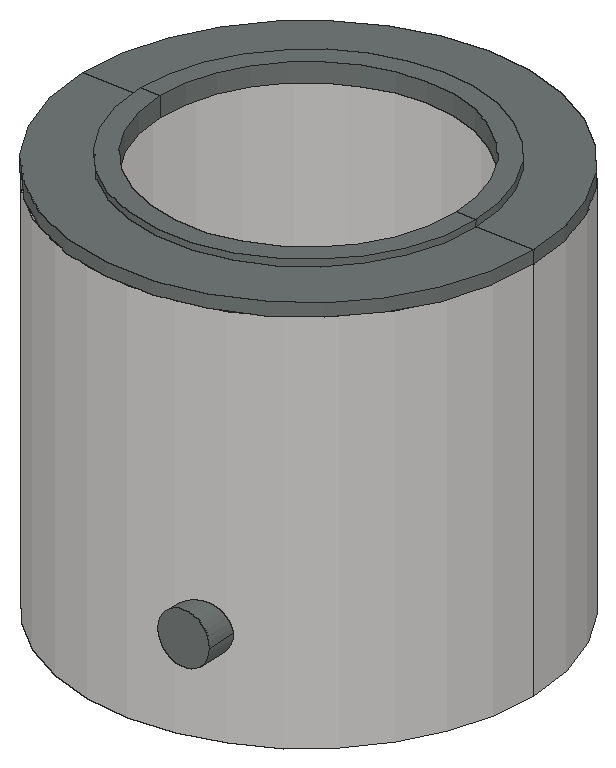
Revit family "QF_Vollrath 72425", category Specialty Equipment, Revit 2016
Family settings
  Part Type = Normal
  Round Connector Dimension = Use Diameter
  OmniClass Number = 23.40.40.11.21
  OmniClass Title = Hot Cabinets
  Work Plane-Based = No
  Always vertical = Yes
  Cut with Voids When Loaded = No
  Shared = No
  Room Calculation Point = No
Parameters (values of type "--")
  Width = 8.75"
  Weight in Pounds = 5.38
  Watts = 1450 W
  Watermarked By = "http://revitwatermark.com"
  Volts = 120 V
  URL Cutsheet = ""
  URL = "www.vollrathco.com"
  Status [instance] = ""
  Specification by User [instance] = ""
  Specification by Manufacturer = ""
  Serial Number [instance] = ""
  Seismic Rating [instance] = ""
  SMACNA No [instance] = ""
  Revision Code [instance] = ""
  Phase = 1
  Number of Poles [instance] = 1
  NAFEM Spec ID Number [instance] = ""
  Model = "72425"
  Masterspec = ""
  Manufacturer = "Vollrath"
  Item Number [instance] = ""
  Installed By [instance] = ""
  Height AFF [instance] = 28.75"
  Height [instance] = 7.88"
  Furnished By [instance] = ""
  Foodservice Equipment Identifier [instance] = yes
  FL Amps = 12 A
  Electrical Remarks [instance] = ""
  Electric Connection Type [instance] = ""
  Elec Conn RI Height [instance] = 0.00"
  Elec Conn Connection Height = 2.00"
  Description = "Warmer, Food Electric"
  Depth = 8.75"
  Cycle = 60 Hz
  Conn Plug = "NEMA 5-20P"
  CSI MasterFormat = "11 42 13"
  Assembly Code = "E1090320"
  Apparent Power = if(Phase = 3, Volts * FL Amps * 1.73, Volts * FL Amps)  # 1440 VA
Reference planes (in)
  plane 1: z = 0
  plane 2 "LEFT": x = 48
  plane 3 "BACK": y = -48
  plane 4 "BOTTOM": z = 28.75
  plane 5 "RIGHT": x = 56.75
  plane 6 "FRONT": y = -56.75
  plane 7: z = 26.5796
  plane 8 "TOP": z = 36.63
  plane 9: x = 58.52988
  plane 10: x = 50.8266
  plane 11: x = 50.99693
  plane 12: y = -65.45189
  plane 13: y = -65.50549
  plane 14: y = -66.38049
  plane 15: y = -66.44549
  plane 16: x = 56.69695
  plane 17: x = 52.375
  plane 18 "123": y = -52.375
Forms (in)
  Extrusion 1, solid, material "QF_Finishes_Stainless Steel", not visible
    sketch origin (0, -75.61667, 13.94238) x (-1, 0, 0) y (0, 0.422618, 0.906308)
      loop
        line (-61.50401, 16.83949) -> (-49.55058, 16.83949) -> (-49.55058, 21.54291) -> (-61.50401, 21.54291) -> (-61.50401, 16.83949)
      loop
        circle (-51.11798, 19.07879) r 1.25
      loop
        circle (-51.11798, 19.07879) r 1
      loop
        line (-54.03077, 21.06689) -> (-57.03077, 21.06689) -> (-57.03077, 20.31689) -> (-54.03077, 20.31689) -> (-54.03077, 21.06689)
      loop
        circle (-54.03077, 17.5068) r 0.25
      loop
        circle (-56.78077, 17.5068) r 0.25
    from 0 to 0.68909
  Extrusion 2, solid, material "QF_Finishes_Black", not visible
    sketch origin (0, -75.54289, 2.05167) x (-1, 0, 0) y (0, 0.422618, 0.906308)
      loop
        circle (-51.11798, 29.82425) r 1.25
      loop
        circle (-51.11798, 29.82425) r 1
    from -5.0921 to -4.40301
  Extrusion 3, solid, material "QF_Finishes_Black", not visible
    sketch origin (0, -75.78725, 14.03463) x (-1, 0, 0) y (0, 0.406737, 0.913545)
      loop
        line (-57.03077, 21.03676) -> (-57.03077, 20.35703) -> (-54.03077, 20.35703) -> (-54.03077, 21.03676) -> (-57.03077, 21.03676)
      loop
        circle (-54.03077, 17.5068) r 0.25
      loop
        circle (-56.78077, 17.5068) r 0.25
    from 0.54411 to 1.25
  Extrusion 4, solid, material "QF_Finishes_Dark Grey", not visible
    sketch origin (0, -70.09177, 5.66795) x (-1, 0, 0) y (0, 0.422618, 0.906308)
      loop
        circle (-52.11896, 26.29929) r 0.25
      loop
        circle (-53.36896, 26.29929) r 0.25
      loop
        circle (-54.61896, 26.29929) r 0.25
      loop
        circle (-55.86896, 26.29929) r 0.25
      loop
        circle (-57.11896, 26.29929) r 0.25
      loop
        circle (-58.36896, 26.29929) r 0.25
    from 7.45399 to 7.92109
  Extrusion 5, solid, material "QF_Finishes_Stainless Steel", not visible
    sketch origin (0, -61.5, 0) x (-1, 0, 0) y (0, 0, 1)
      loop
        circle (-49.14244, 32.63817) r 0.1236
    from 0 to 12
  Extrusion 6, solid, material "QF_Finishes_Stainless Steel", not visible
    sketch origin (24.25, -61.5, 0) x (-1, 0, 0) y (0, 0, 1)
      loop
        circle (-49.14244, 32.63817) r 0.1236
    from 0 to 12
  Extrusion 7, solid, material "QF_Finishes_Stainless Steel", not visible
    sketch origin (0.75781, -61.5, 0) x (-1, 0, 0) y (0, 0, 1)
      loop
        circle (-49.14244, 32.63817) r 0.1236
    from 0 to 12
  Extrusion 8, solid, material "QF_Finishes_Stainless Steel", not visible
    sketch origin (1.51562, -61.5, 0) x (-1, 0, 0) y (0, 0, 1)
      loop
        circle (-49.14244, 32.63817) r 0.1236
    from 0 to 12
  Extrusion 9, solid, material "QF_Finishes_Stainless Steel", not visible
    sketch origin (2.27344, -61.5, 0) x (-1, 0, 0) y (0, 0, 1)
      loop
        circle (-49.14244, 32.63817) r 0.1236
    from 0 to 12
  Extrusion 10, solid, material "QF_Finishes_Stainless Steel", not visible
    sketch origin (3.03125, -61.5, 0) x (-1, 0, 0) y (0, 0, 1)
      loop
        circle (-49.14244, 32.63817) r 0.1236
    from 0 to 12
  Extrusion 11, solid, material "QF_Finishes_Stainless Steel", not visible
    sketch origin (3.78906, -61.5, 0) x (-1, 0, 0) y (0, 0, 1)
      loop
        circle (-49.14244, 32.63817) r 0.1236
    from 0 to 12
  Extrusion 12, solid, material "QF_Finishes_Stainless Steel", not visible
    sketch origin (4.54687, -61.5, 0) x (-1, 0, 0) y (0, 0, 1)
      loop
        circle (-49.14244, 32.63817) r 0.1236
    from 0 to 12
  Extrusion 13, solid, material "QF_Finishes_Stainless Steel", not visible
    sketch origin (5.30469, -61.5, 0) x (-1, 0, 0) y (0, 0, 1)
      loop
        circle (-49.14244, 32.63817) r 0.1236
    from 0 to 12
  Extrusion 14, solid, material "QF_Finishes_Stainless Steel", not visible
    sketch origin (6.0625, -61.5, 0) x (-1, 0, 0) y (0, 0, 1)
      loop
        circle (-49.14244, 32.63817) r 0.1236
    from 0 to 12
  Extrusion 15, solid, material "QF_Finishes_Stainless Steel", not visible
    sketch origin (6.82031, -61.5, 0) x (-1, 0, 0) y (0, 0, 1)
      loop
        circle (-49.14244, 32.63817) r 0.1236
    from 0 to 12
  Extrusion 16, solid, material "QF_Finishes_Stainless Steel", not visible
    sketch origin (7.57812, -61.5, 0) x (-1, 0, 0) y (0, 0, 1)
      loop
        circle (-49.14244, 32.63817) r 0.1236
    from 0 to 12
  Extrusion 17, solid, material "QF_Finishes_Stainless Steel", not visible
    sketch origin (8.33594, -61.5, 0) x (-1, 0, 0) y (0, 0, 1)
      loop
        circle (-49.14244, 32.63817) r 0.1236
    from 0 to 12
  Extrusion 18, solid, material "QF_Finishes_Stainless Steel", not visible
    sketch origin (9.09375, -61.5, 0) x (-1, 0, 0) y (0, 0, 1)
      loop
        circle (-49.14244, 32.63817) r 0.1236
    from 0 to 12
  Extrusion 19, solid, material "QF_Finishes_Stainless Steel", not visible
    sketch origin (9.85156, -61.5, 0) x (-1, 0, 0) y (0, 0, 1)
      loop
        circle (-49.14244, 32.63817) r 0.1236
    from 0 to 12
  Extrusion 20, solid, material "QF_Finishes_Stainless Steel", not visible
    sketch origin (10.60937, -61.5, 0) x (-1, 0, 0) y (0, 0, 1)
      loop
        circle (-49.14244, 32.63817) r 0.1236
    from 0 to 12
  Extrusion 21, solid, material "QF_Finishes_Stainless Steel", not visible
    sketch origin (11.36719, -61.5, 0) x (-1, 0, 0) y (0, 0, 1)
      loop
        circle (-49.14244, 32.63817) r 0.1236
    from 0 to 12
  Extrusion 22, solid, material "QF_Finishes_Stainless Steel", not visible
    sketch origin (12.125, -61.5, 0) x (-1, 0, 0) y (0, 0, 1)
      loop
        circle (-49.14244, 32.63817) r 0.1236
    from 0 to 12
  Extrusion 23, solid, material "QF_Finishes_Stainless Steel", not visible
    sketch origin (12.88281, -61.5, 0) x (-1, 0, 0) y (0, 0, 1)
      loop
        circle (-49.14244, 32.63817) r 0.1236
    from 0 to 12
  Extrusion 24, solid, material "QF_Finishes_Stainless Steel", not visible
    sketch origin (13.64062, -61.5, 0) x (-1, 0, 0) y (0, 0, 1)
      loop
        circle (-49.14244, 32.63817) r 0.1236
    from 0 to 12
  Extrusion 25, solid, material "QF_Finishes_Stainless Steel", not visible
    sketch origin (14.39844, -61.5, 0) x (-1, 0, 0) y (0, 0, 1)
      loop
        circle (-49.14244, 32.63817) r 0.1236
    from 0 to 12
  Extrusion 26, solid, material "QF_Finishes_Stainless Steel", not visible
    sketch origin (15.15625, -61.5, 0) x (-1, 0, 0) y (0, 0, 1)
      loop
        circle (-49.14244, 32.63817) r 0.1236
    from 0 to 12
  Extrusion 27, solid, material "QF_Finishes_Stainless Steel", not visible
    sketch origin (15.91406, -61.5, 0) x (-1, 0, 0) y (0, 0, 1)
      loop
        circle (-49.14244, 32.63817) r 0.1236
    from 0 to 12
  Extrusion 28, solid, material "QF_Finishes_Stainless Steel", not visible
    sketch origin (16.67187, -61.5, 0) x (-1, 0, 0) y (0, 0, 1)
      loop
        circle (-49.14244, 32.63817) r 0.1236
    from 0 to 12
  Extrusion 29, solid, material "QF_Finishes_Stainless Steel", not visible
    sketch origin (17.42969, -61.5, 0) x (-1, 0, 0) y (0, 0, 1)
      loop
        circle (-49.14244, 32.63817) r 0.1236
    from 0 to 12
  Extrusion 30, solid, material "QF_Finishes_Stainless Steel", not visible
    sketch origin (18.1875, -61.5, 0) x (-1, 0, 0) y (0, 0, 1)
      loop
        circle (-49.14244, 32.63817) r 0.1236
    from 0 to 12
  Extrusion 31, solid, material "QF_Finishes_Stainless Steel", not visible
    sketch origin (18.94531, -61.5, 0) x (-1, 0, 0) y (0, 0, 1)
      loop
        circle (-49.14244, 32.63817) r 0.1236
    from 0 to 12
  Extrusion 32, solid, material "QF_Finishes_Stainless Steel", not visible
    sketch origin (19.70312, -61.5, 0) x (-1, 0, 0) y (0, 0, 1)
      loop
        circle (-49.14244, 32.63817) r 0.1236
    from 0 to 12
  Extrusion 33, solid, material "QF_Finishes_Stainless Steel", not visible
    sketch origin (20.46094, -61.5, 0) x (-1, 0, 0) y (0, 0, 1)
      loop
        circle (-49.14244, 32.63817) r 0.1236
    from 0 to 12
  Extrusion 34, solid, material "QF_Finishes_Stainless Steel", not visible
    sketch origin (21.21875, -61.5, 0) x (-1, 0, 0) y (0, 0, 1)
      loop
        circle (-49.14244, 32.63817) r 0.1236
    from 0 to 12
  Extrusion 35, solid, material "QF_Finishes_Stainless Steel", not visible
    sketch origin (21.97656, -61.5, 0) x (-1, 0, 0) y (0, 0, 1)
      loop
        circle (-49.14244, 32.63817) r 0.1236
    from 0 to 12
  Extrusion 36, solid, material "QF_Finishes_Stainless Steel", not visible
    sketch origin (22.73437, -61.5, 0) x (-1, 0, 0) y (0, 0, 1)
      loop
        circle (-49.14244, 32.63817) r 0.1236
    from 0 to 12
  Extrusion 37, solid, material "QF_Finishes_Stainless Steel", not visible
    sketch origin (23.49219, -61.5, 0) x (-1, 0, 0) y (0, 0, 1)
      loop
        circle (-49.14244, 32.63817) r 0.1236
    from 0 to 12
  Extrusion 38, solid, material "QF_Finishes_Stainless Steel", not visible
    sketch origin (0, -63.31853, -5.50809) x (1, 0, 0) y (0, 0.5, 0.866025)
      loop
        line (51.72615, 27.93) -> (51.72615, 25.68) -> (67.6666, 25.68) -> (67.6666, 27.93) -> (51.72615, 27.93)
      loop
        line (51.88615, 27.77623) -> (51.88615, 25.78901) -> (67.52615, 25.78901) -> (67.52615, 27.77623) -> (51.88615, 27.77623)
    from 18.14569 to 18.5
  Extrusion 39, solid, material "QF_Finishes_Chrome", not visible
    sketch origin (0, -63.31853, -5.50809) x (1, 0, 0) y (0, 0.5, 0.866025)
      loop
        line (51.72615, 27.77623) -> (51.72615, 25.78901) -> (67.52615, 25.78901) -> (67.52615, 27.77623) -> (51.72615, 27.77623)
      loop
        line (51.89648, 27.66901) -> (51.89648, 25.91901) -> (67.36947, 25.91901) -> (67.36947, 27.66901) -> (51.89648, 27.66901)
    from 18.14569 to 18.5
  Extrusion 40, solid, material "QF_Finishes_Stainless Steel", not visible
    sketch origin (3, -63.31853, -5.50809) x (1, 0, 0) y (0, 0.5, 0.866025)
      loop
        line (55.07331, 27.05441) -> (55.07331, 26.55441) -> (56.82331, 26.55441) -> (56.82331, 27.05441) -> (55.07331, 27.05441)
      loop
        circle (53.94695, 26.80981) r 0.25
      loop
        circle (57.87771, 26.79276) r 0.25
      loop
        circle (59.12771, 26.79276) r 0.25
    from 18.14569 to 18.5
  Extrusion 41, solid, material "QF_Finishes_Stainless Steel", not visible
    sketch origin (0, -63.31853, -5.50809) x (1, 0, 0) y (0, 0.5, 0.866025)
      loop
        circle (56.94695, 26.80981) r 0.25
      loop
        circle (60.87771, 26.79276) r 0.25
      loop
        line (58.07331, 27.05441) -> (58.07331, 26.55441) -> (59.82331, 26.55441) -> (59.82331, 27.05441) -> (58.07331, 27.05441)
      loop
        circle (62.12771, 26.79276) r 0.25
    from 18.14569 to 18.5
  Extrusion 42, solid, material "QF_Finishes_Dark Grey", not visible
    sketch origin (0, -63.81619, -5.29253) x (1, 0, 0) y (0, 0.5, 0.866025)
      loop
        line (51.72615, 25.98116) -> (67.36947, 25.98116) -> (67.36947, 27.73116) -> (51.72615, 27.73116) -> (51.72615, 25.98116)
      loop
        circle (62.11833, 26.8549) r 0.25
      loop
        circle (60.86833, 26.8549) r 0.25
      loop
        line (59.81393, 26.61655) -> (59.81393, 27.11655) -> (58.06393, 27.11655) -> (58.06393, 26.61655) -> (59.81393, 26.61655)
      loop
        circle (56.93757, 26.87196) r 0.25
    from 17.96123 to 17.60693
  Revolve 43, solid, material "QF_Finishes_Stainless Steel"
    sketch origin (0, -52.375, 0) x (1, 0, 0) y (0, 0, 1)
      loop
        line (52.375, 28.75) -> (56.75, 28.75) -> (56.75, 36.255) -> (56.10048, 36.255) -> (56.10048, 29.31933) -> (52.375, 29.31933) -> (52.375, 28.75)
      axis (52.375, 28.75) -> (52.375, 36.255)
    angle from 0 to 360
  Revolve 44, solid, material "QF_Finishes_Black"
    sketch origin (0, -52.375, 0) x (-1, 0, 0) y (0, 0, 1)
      loop
        line (-55.25, 36.255) -> (-55.25, 36.63) -> (-55.63373, 36.63) -> (-55.63373, 36.505) -> (-56.75, 36.505) -> (-56.75, 36.255) -> (-55.25, 36.255)
      axis (-52.375, 36.255) -> (-52.375, 36.63)
    angle from 0 to 360
  Extrusion 45, solid, material "QF_Finishes_Black"
    sketch origin (0, -48, 0) x (1, 0, 0) y (0, 0, 1)
      loop
        circle (53.61592, 30.65167) r 0.5
    from 8.3798 to 8.94097
Lines and regions (in)
  symbolic lines
    curve 1: arc (56.75, -52.375, 0) -> (52.375, -48, 0) -> (48, -52.375, 0) r 4.375
    curve 2: arc (56.10048, -52.375, 0) -> (52.375, -48.64952, 0) -> (48.64952, -52.375, 0) r 3.72548
    curve 3: arc (48.64952, -52.375, 0) -> (52.375, -56.10048, 0) -> (56.10048, -52.375, 0) r 3.72548
    curve 4: arc (48, -52.375, 0) -> (52.375, -56.75, 0) -> (56.75, -52.375, 0) r 4.375
Dimensions and locks (in)
  "Height AFF": plane 4 "BOTTOM" to level
  "Depth": plane 6 "FRONT" to plane 3 "BACK"
  "Height": plane 8 "TOP" to plane 4 "BOTTOM"
  equal spacing: plane 6 "FRONT", plane 18 "123", plane 3 "BACK"
  equal spacing: plane 2 "LEFT", plane 17, plane 5 "RIGHT"
  "Width": plane 2 "LEFT" to plane 5 "RIGHT"
  aligned and locked: level to plane 1
  aligned and locked: Extrusion 2 sketch curve to Extrusion 1  (x4)
  aligned and locked: Extrusion 39 sketch curve to Extrusion 38
  aligned and locked: Extrusion 38 to Extrusion 39 sketch curve
  aligned and locked: Extrusion 41 sketch curve to Extrusion 40  (x2)
  aligned and locked: Extrusion 39 to Extrusion 42 sketch curve
  aligned and locked: Extrusion 42 sketch curve to Extrusion 39
  aligned and locked: Extrusion 41 to Extrusion 42 sketch curve
  aligned and locked: Extrusion 42 sketch curve to Extrusion 41
  aligned and locked: Extrusion 42 to Extrusion 39
  aligned and locked: Extrusion 39 to plane 15
  aligned and locked: Extrusion 42 to plane 14
  aligned and locked: plane 12 to Extrusion 39
  aligned and locked: plane 13 to Extrusion 42
Automatic sketch dimensions
  Extrusion 1 sketch curve to Extrusion 1 sketch curve = 0.00"  (x5)
  Extrusion 1 sketch curve to Extrusion 1 sketch curve = 4.47324"
  Extrusion 1 sketch curve to Extrusion 1 sketch curve = 0.25"
  Extrusion 1 sketch curve to Extrusion 1 sketch curve = 3.00"
  Extrusion 1 sketch curve to Extrusion 1 sketch curve = 2.75"
  Extrusion 1 sketch curve to Extrusion 1 sketch curve = 1.56739"
  Extrusion 1 sketch curve to Extrusion 1 sketch curve = 0.66732"
  Extrusion 1 sketch curve to Extrusion 1 sketch curve = 2.2393"
  Extrusion 1 sketch curve to Extrusion 1 sketch curve = 2.81008"
  Extrusion 1 sketch curve to Extrusion 1 sketch curve = 0.75"
  Extrusion 3 sketch curve to Extrusion 3 sketch curve = 3.00"
  Extrusion 1 sketch curve to Extrusion 1 sketch curve = 2.46412"
  Extrusion 3 sketch curve to Extrusion 3 sketch curve = 0.00"  (x6)
  Extrusion 3 sketch curve to Extrusion 3 sketch curve = 0.25"  (x2)
  Extrusion 3 sketch curve to Extrusion 3 sketch curve = 2.25"
  Extrusion 3 sketch curve to Extrusion 3 sketch curve = 2.85023"
  Extrusion 3 sketch curve to Extrusion 3 sketch curve = 0.67973"
  Extrusion 1 sketch curve to Extrusion 1 sketch curve = 2.9128"
  Extrusion 4 sketch curve to Extrusion 4 sketch curve = 1.25"  (x5)
  Extrusion 4 sketch curve to Extrusion 4 sketch curve = 0.00"  (x5)
  Extrusion 38 sketch curve to Extrusion 38 sketch curve = 0.10901"
  Extrusion 38 sketch curve to Extrusion 38 sketch curve = 1.98721"
  Extrusion 38 sketch curve to Extrusion 38 sketch curve = 0.15377"
  Extrusion 39 sketch curve to Extrusion 39 sketch curve = 0.17033"
  Extrusion 39 sketch curve to Extrusion 39 sketch curve = 0.13"
  Extrusion 39 sketch curve to Extrusion 39 sketch curve = 0.10721"
  Extrusion 40 sketch curve to Extrusion 40 sketch curve = 1.12636"
  Extrusion 40 sketch curve to Extrusion 40 sketch curve = 1.75"
  Extrusion 40 sketch curve to Extrusion 40 sketch curve = 1.0544"
  Extrusion 40 sketch curve to Extrusion 40 sketch curve = 1.25"
  Extrusion 40 sketch curve to Extrusion 40 sketch curve = 0.23835"
  Extrusion 40 sketch curve to Extrusion 40 sketch curve = 0.00"
  Extrusion 40 sketch curve to Extrusion 40 sketch curve = 0.25541"
  Extrusion 40 sketch curve to Extrusion 40 sketch curve = 0.50"
  Extrusion 38 sketch curve to Extrusion 38 sketch curve = 0.16"
  Extrusion 38 sketch curve to Extrusion 38 sketch curve = 15.64"
  Extrusion 38 sketch curve to Extrusion 38 sketch curve = 0.14045"
  Extrusion 39 sketch curve to Extrusion 39 sketch curve = 15.473"
  Extrusion 39 sketch curve to Extrusion 39 sketch curve = 0.15668"
  Extrusion 42 sketch curve to Extrusion 42 sketch curve = 4.96142"
  Extrusion 42 sketch curve to Extrusion 42 sketch curve = 5.00115"
  Extrusion 42 sketch curve to plane 9 = 0.46596"
  Extrusion 42 sketch curve to Extrusion 42 sketch curve = 0.8044"
  Extrusion 42 sketch curve to Extrusion 42 sketch curve = 0.87636"
  Extrusion 42 sketch curve to Extrusion 42 sketch curve = 0.25"  (x3)
  plane 9 to Extrusion 42 sketch curve = 1.28404"
  Extrusion 42 sketch curve to Extrusion 42 sketch curve = 0.75"
  Extrusion 42 sketch curve to Extrusion 42 sketch curve = 0.23835"
  Extrusion 42 sketch curve to Extrusion 42 sketch curve = 0.00"
  Extrusion 42 sketch curve to Extrusion 42 sketch curve = 0.24459"
  Extrusion 41 sketch curve to plane 9 = 0.45657"
  Extrusion 41 sketch curve to Extrusion 41 sketch curve = 0.8044"
  Extrusion 41 sketch curve to Extrusion 41 sketch curve = 0.00"  (x7)
  Extrusion 41 sketch curve to Extrusion 41 sketch curve = 0.87636"
  Extrusion 41 sketch curve to Extrusion 41 sketch curve = 0.25"  (x3)
  plane 9 to Extrusion 41 sketch curve = 1.29343"
  Extrusion 41 sketch curve to Extrusion 41 sketch curve = 0.75"
  Extrusion 41 sketch curve to Extrusion 41 sketch curve = 0.23835"
  Extrusion 41 sketch curve to Extrusion 41 sketch curve = 0.24459"
  curve 1 to curve 2 = 0.00"
  curve 1 to curve 3 = 0.00"
  curve 1 to plane 2 "LEFT" = 0.00"
  curve 3 to plane 18 "123" = 0.00"
  curve 3 to plane 17 = 0.00"
  plane 2 "LEFT" to curve 3 = 0.64952"
  Revolve 43 sketch curve to plane 4 "BOTTOM" = 0.00"
  Revolve 43 sketch curve to plane 17 = 0.00"  (x2)
  Revolve 43 sketch curve to plane 5 "RIGHT" = 0.00"
  Revolve 43 sketch curve to plane 5 "RIGHT" = 0.64952"
  Revolve 43 sketch curve to plane 4 "BOTTOM" = 1.50"
  plane 4 "BOTTOM" to Revolve 43 sketch curve = 0.56933"
  Revolve 43 sketch curve to plane 8 "TOP" = 0.375"
  plane 8 "TOP" to Revolve 43 sketch curve = 1.50"
  Revolve 44 sketch curve to plane 5 "RIGHT" = 0.00"
  Revolve 44 sketch curve to plane 8 "TOP" = 0.00"
  Revolve 44 sketch curve to plane 17 = 0.00"
  Revolve 44 sketch curve to plane 8 "TOP" = 0.125"
  Revolve 44 sketch curve to Revolve 44 sketch curve = 1.11627"
  Revolve 44 sketch curve to Revolve 44 sketch curve = 0.38373"
  Revolve 44 sketch curve to Revolve 44 sketch curve = 0.25"
  Revolve 44 sketch curve to plane 8 "TOP" = 1.375"
  plane 8 "TOP" to Revolve 44 sketch curve = 1.375"
  plane 17 to Extrusion 45 sketch curve = 1.24092"
  plane 4 "BOTTOM" to Extrusion 45 sketch curve = 1.90167"
  radius of Extrusion 1 sketch curve = 1.25"
  radius of Extrusion 1 sketch curve = 1.00"
  radius of Extrusion 1 sketch curve = 0.25"  (x2)
  radius of Extrusion 4 sketch curve = 0.25"  (x6)
  radius of Extrusion 5 sketch curve = 0.1236"
  radius of Extrusion 6 sketch curve = 0.1236"
  radius of Extrusion 7 sketch curve = 0.1236"
  radius of Extrusion 8 sketch curve = 0.1236"
  radius of Extrusion 9 sketch curve = 0.1236"
  radius of Extrusion 10 sketch curve = 0.1236"
  radius of Extrusion 11 sketch curve = 0.1236"
  radius of Extrusion 12 sketch curve = 0.1236"
  radius of Extrusion 13 sketch curve = 0.1236"
  radius of Extrusion 14 sketch curve = 0.1236"
  radius of Extrusion 15 sketch curve = 0.1236"
  radius of Extrusion 16 sketch curve = 0.1236"
  radius of Extrusion 17 sketch curve = 0.1236"
  radius of Extrusion 18 sketch curve = 0.1236"
  radius of Extrusion 19 sketch curve = 0.1236"
  radius of Extrusion 20 sketch curve = 0.1236"
  radius of Extrusion 21 sketch curve = 0.1236"
  radius of Extrusion 22 sketch curve = 0.1236"
  radius of Extrusion 23 sketch curve = 0.1236"
  radius of Extrusion 24 sketch curve = 0.1236"
  radius of Extrusion 25 sketch curve = 0.1236"
  radius of Extrusion 26 sketch curve = 0.1236"
  radius of Extrusion 27 sketch curve = 0.1236"
  radius of Extrusion 28 sketch curve = 0.1236"
  radius of Extrusion 29 sketch curve = 0.1236"
  radius of Extrusion 30 sketch curve = 0.1236"
  radius of Extrusion 31 sketch curve = 0.1236"
  radius of Extrusion 32 sketch curve = 0.1236"
  radius of Extrusion 33 sketch curve = 0.1236"
  radius of Extrusion 34 sketch curve = 0.1236"
  radius of Extrusion 35 sketch curve = 0.1236"
  radius of Extrusion 36 sketch curve = 0.1236"
  radius of Extrusion 37 sketch curve = 0.1236"
  radius of Extrusion 40 sketch curve = 0.25"  (x3)
  radius of Extrusion 45 sketch curve = 0.50"
